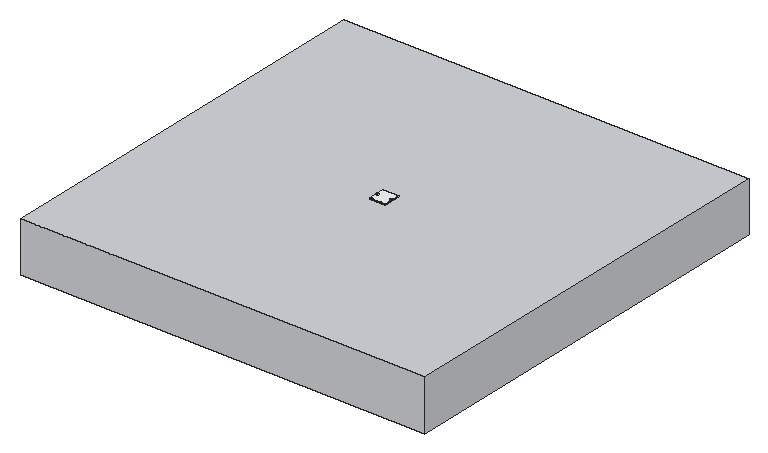
Revit family "Gira_5051028", category Elektroinstallationen, Revit 2017
Family settings
  Basisbauteil = Fläche
  Beschriftungsausrichtung beibehalten = Nein
  Bemaßung runder Anschluss = Durchmesser verwenden
  Teiletyp = Normal
  Beim Laden mit Abzugskörper schneiden = Nein
  Gemeinsam genutzt = Nein
  Raumberechnungspunkt = Nein
Parameters (values of type "Tastsens.4 24 V 1f TS4 Anthrazit")
  White = White
  Werkstoffgüte = "sonstige"
  Werkstoff Text = "sonstige"
  Default Elevation = 1219.2 mm
  URL = "https://www.gira.de/"
  Typname = "Tastsens.4 24 V 1f TS4 Anthrazit"
  Type Comments = ""
  Transparent = no
  Schutzart (IP) = "IP20"
  Produktseite = "https://media.stage.bim.site/t/eyJhbGciOiJIUzI1NiIsInR5cCI6IkpXVCJ9.eyJjdCI6MiwidHUiOiJodHRwOi8va2F0YWxvZy5naXJhLmRlL2RlX0RFL2RhdGVuYmxhdHQuaHRtbD9hcnRpa2VsbnI9NTA1MTAyOCIsImNpZCI6IjMyNzdjYzIzLTgxYTktNGVlMy1hOTBhLWI0N2JiNGMwYjYxNiIsInJpZCI6ImI5ZjJmNTUzMjUwMDYyMzhjNDVmNzQwNjI4MWRmYjE1IiwicGlkIjoiOGZjNDgxZDgxY2E4YmNmOTY1MTMxN2I4YTI1MDYxYzc1ZGI1NWU5YyIsInNpZCI6IjYzNDcwIiwidXQiOjEsImxjIjoiZGUiLCJpYXQiOjE2MDA5NDA5ODcsImlzcyI6Imh0dHBzOi8vYXBpLmxpdmUuYmltLnNpdGUiLCJzdWIiOiJhZG1pbkBiaW1zaXRlLmRldiJ9.i8yMHd3jle2sWF-Jtpah__S0K0KaOyJDli6R-dMyeVE"
  Oberfläche Text = "sonstige"
  Montageart = "Unterputz"
  Model = ""
  Mit Raumthermostat = no
  Mit LED-Anzeige = yes
  Mit Infrarotsensor = no
  Mit Display = no
  Mit Diebstahl-/Demontageschutz = yes
  Mit Busankopplung = no
  Mit Beschriftungsfeld = no
  Kosten = 0
  Hersteller = "Gira"
  HeinzeBIM = "https://www.heinze.de/bim/tastsens-4-24-v-1f-ts4-anthrazit/8fc481d81ca8bcf9651317b8a25061c75db55e9c"
  HAN = "5051028"
  GTIN = "4010337074977"
  Funk bidirektional = no
  Farbe = "anthrazit"
  Datenblatt 1 = ""
  Datenblatt = "https://media.stage.bim.site/t/eyJhbGciOiJIUzI1NiIsInR5cCI6IkpXVCJ9.eyJjdCI6MSwidHUiOiJodHRwczovL2thdGFsb2cuZ2lyYS5kZS9kZV9ERS9kb3dubG9hZC5odG1sP2FydGlrZWxucj01MDUxMDI4IiwiY2lkIjoiMzI3N2NjMjMtODFhOS00ZWUzLWE5MGEtYjQ3YmI0YzBiNjE2IiwicmlkIjoiYjlmMmY1NTMyNTAwNjIzOGM0NWY3NDA2MjgxZGZiMTUiLCJwaWQiOiI4ZmM0ODFkODFjYThiY2Y5NjUxMzE3YjhhMjUwNjFjNzVkYjU1ZTljIiwic2lkIjoiNjM0NzAiLCJ1dCI6MSwibGMiOiJkZSIsImlhdCI6MTYwMDk0MDk4NywiaXNzIjoiaHR0cHM6Ly9hcGkubGl2ZS5iaW0uc2l0ZSIsInN1YiI6ImFkbWluQGJpbXNpdGUuZGV2In0.R2HQXxYKQe6aT9FIr-3uZDRce7s7DdjS6qnLEBL_-nM"
  Bussystem Powernet = no
  Bussystem LON = no
  Bussystem KNX-Funk = no
  Bussystem KNX = yes
  Bussystem Funkbus = no
  Beschreibung = "Tastsensor 4 24 V 1fach  Anthrazit Merkmale:  Tastsensor 4 zum Anschluss an 24 V Steuersysteme.  Zwei weiße Status-LEDs pro Wippe.  Messung der Raumtemperatur mit integriertem Temperatursensor (PT1000).  Hinweise :  Nur für SELV-Stromkreise geeignet.  Professionelle Beschriftung über den Gira Beschriftungsservice www.beschriftung.gira.de.  Der Tastsensor wird mit einer programmneutralen Inbetriebnahme-Wippe geliefert. Das passende Wippenset zum Schalterprogramm ist separat zu bestellen."
  Assembly Code = ""
  Keynote = ""
  BIMSITE_PRODUCT_ID = "8fc481d81ca8bcf9651317b8a25061c75db55e9c"
  BIM = "https://media.stage.bim.site/t/eyJhbGciOiJIUzI1NiIsInR5cCI6IkpXVCJ9.eyJjdCI6MSwidGYiOiJwdWJsaWMvZ2lyYS9hZThjNTU3LzQwXzUwMDEwMCBUUzQgMWZhY2gucmZhIiwiY2lkIjoiMzI3N2NjMjMtODFhOS00ZWUzLWE5MGEtYjQ3YmI0YzBiNjE2IiwicmlkIjoiYjlmMmY1NTMyNTAwNjIzOGM0NWY3NDA2MjgxZGZiMTUiLCJwaWQiOiI4ZmM0ODFkODFjYThiY2Y5NjUxMzE3YjhhMjUwNjFjNzVkYjU1ZTljIiwic2lkIjoiNjM0NzAiLCJ1dCI6NSwibGMiOiJkZSIsImlhdCI6MTYwMDk0MDk4NywiaXNzIjoiaHR0cHM6Ly9hcGkubGl2ZS5iaW0uc2l0ZSIsInN1YiI6ImFkbWluQGJpbXNpdGUuZGV2In0.2e096JY_ZVDCnGd3Ji30jGbHlot2ZxQtyyFqJYO0N98/40_500100 TS4 1fach.rfa"
  Anzahl der Tasten = 1
  Anzahl der Betätigungspunkte = 2
  Andere Bussysteme = "ohne"
Reference planes
  plane 1 "Center (Front/Back)": y = 0
  plane 2: z = 0
  plane 3 "Center (Left/Right)": x = 0
Forms (mm)
  Extrusion 1, solid
    sketch origin (0, 0, 0) x (1, 0, 0) y (0, 1, 0)
      loop
        line (-1219.2, 1219.2) -> (-1219.2, -1219.2) -> (1219.2, -1219.2) -> (1219.2, 1219.2) -> (-1219.2, 1219.2)
    from 0 to -304.8
  Extrusion 2, solid, material "White", detail levels fine
    sketch origin (0, 0, 0) x (1, 0, 0) y (0, 1, 0)
      loop
        line (25.45, 35.45) -> (-25.45, 35.45)
        arc (-25.45, 35.45) -> (-32.521, 32.521) -> (-35.45, 25.45) r 10
        line (-35.45, 25.45) -> (-35.45, -25.45)
        arc (-35.45, -25.45) -> (-32.521, -32.521) -> (-25.45, -35.45) r 10
        line (-25.45, -35.45) -> (25.45, -35.45)
        arc (25.45, -35.45) -> (32.521, -32.521) -> (35.45, -25.45) r 10
        line (35.45, -25.45) -> (35.45, 25.45)
        arc (35.45, 25.45) -> (32.521, 32.521) -> (25.45, 35.45) r 10
      loop
        arc (-31.325, 28.496) -> (-31.325, 25.668) -> (-28.496, 25.668) r 2
        line (-28.496, 25.668) -> (-25.668, 28.496)
        arc (-25.668, 28.496) -> (-25.668, 31.325) -> (-28.496, 31.325) r 2
        line (-28.496, 31.325) -> (-31.325, 28.496)
      loop
        arc (-28.496, -31.325) -> (-25.668, -31.325) -> (-25.668, -28.496) r 2
        line (-25.668, -28.496) -> (-28.496, -25.668)
        arc (-28.496, -25.668) -> (-31.325, -25.668) -> (-31.325, -28.496) r 2
        line (-31.325, -28.496) -> (-28.496, -31.325)
      loop
        line (31.325, 28.496) -> (28.496, 31.325)
        arc (28.496, 31.325) -> (25.668, 31.325) -> (25.668, 28.496) r 2
        line (25.668, 28.496) -> (28.496, 25.668)
        arc (28.496, 25.668) -> (31.325, 25.668) -> (31.325, 28.496) r 2
      loop
        line (28.496, -31.325) -> (31.325, -28.496)
        arc (31.325, -28.496) -> (31.325, -25.668) -> (28.496, -25.668) r 2
        line (28.496, -25.668) -> (25.668, -28.496)
        arc (25.668, -28.496) -> (25.668, -31.325) -> (28.496, -31.325) r 2
      loop
        line (-13.39, 22.831) -> (-22.831, 13.39) -> (-22.831, -13.39) -> (-13.39, -22.831) -> (13.39, -22.831) -> (22.831, -13.39) -> (22.831, 13.39) -> (13.39, 22.831) -> (-13.39, 22.831)
      loop
        arc (-1.681, 31.793) -> (-6.669, 29.581) -> (-1.417, 28.102) r 2.9
        arc (-1.417, 28.102) -> (2.178, 28.079) -> (5.741, 27.6) r 28.291
        arc (5.741, 27.6) -> (7.553, 29.282) -> (6.077, 31.265) r 1.851
        arc (6.077, 31.265) -> (2.215, 31.784) -> (-1.681, 31.793) r 29.64
      loop
        arc (1.681, -31.793) -> (6.669, -29.581) -> (1.417, -28.102) r 2.9
        arc (1.417, -28.102) -> (-2.178, -28.079) -> (-5.741, -27.6) r 28.291
        arc (-5.741, -27.6) -> (-7.553, -29.282) -> (-6.077, -31.265) r 1.851
        arc (-6.077, -31.265) -> (-2.215, -31.784) -> (1.681, -31.793) r 29.64
      loop
        arc (-31.793, -1.681) -> (-29.581, -6.669) -> (-28.102, -1.417) r 2.9
        arc (-28.102, -1.417) -> (-28.079, 2.178) -> (-27.6, 5.741) r 28.291
        arc (-27.6, 5.741) -> (-29.282, 7.553) -> (-31.265, 6.077) r 1.851
        arc (-31.265, 6.077) -> (-31.784, 2.215) -> (-31.793, -1.681) r 29.64
      loop
        arc (31.793, 1.681) -> (29.581, 6.669) -> (28.102, 1.417) r 2.9
        arc (28.102, 1.417) -> (28.079, -2.178) -> (27.6, -5.741) r 28.291
        arc (27.6, -5.741) -> (29.282, -7.553) -> (31.265, -6.077) r 1.851
        arc (31.265, -6.077) -> (31.784, -2.215) -> (31.793, 1.681) r 29.64
    from 0 to -1
  Extrusion 3, solid, material "White", detail levels medium+fine
    sketch origin (0, 0, 0) x (1, 0, 0) y (0, 1, 0)
      loop
        line (-22.831, 13.39) -> (-22.831, -13.39) -> (-13.39, -22.831) -> (13.39, -22.831) -> (22.831, -13.39) -> (22.831, 13.39) -> (13.39, 22.831) -> (-13.39, 22.831) -> (-22.831, 13.39)
    from 0 to -15.5
  Extrusion 4, solid, material "White", detail levels medium
    sketch origin (0, 0, 0) x (1, 0, 0) y (0, 1, 0)
      loop
        line (35.45, 35.45) -> (-35.45, 35.45) -> (-35.45, -35.45) -> (35.45, -35.45) -> (35.45, 35.45)
    from 0 to -1
  Extrusion 5, solid, material "White" <- "White", detail levels fine
    sketch origin (0, 0, 0) x (1, 0, 0) y (0, 1, 0)
      loop
        arc (-41.4, 44.4) -> (-43.521, 43.521) -> (-44.4, 41.4) r 3
        line (-44.4, 41.4) -> (-44.4, -41.4)
        arc (-44.4, -41.4) -> (-43.521, -43.521) -> (-41.4, -44.4) r 3
        line (-41.4, -44.4) -> (41.4, -44.4)
        arc (41.4, -44.4) -> (43.521, -43.521) -> (44.4, -41.4) r 3
        line (44.4, -41.4) -> (44.4, 41.4)
        arc (44.4, 41.4) -> (43.521, 43.521) -> (41.4, 44.4) r 3
        line (41.4, 44.4) -> (-41.4, 44.4)
      loop
        arc (-42.4, -41.4) -> (-42.107, -42.107) -> (-41.4, -42.4) r 1
        line (-41.4, -42.4) -> (41.4, -42.4)
        arc (41.4, -42.4) -> (42.107, -42.107) -> (42.4, -41.4) r 1
        line (42.4, -41.4) -> (42.4, 41.4)
        arc (42.4, 41.4) -> (42.107, 42.107) -> (41.4, 42.4) r 1
        line (41.4, 42.4) -> (-41.4, 42.4)
        arc (-41.4, 42.4) -> (-42.107, 42.107) -> (-42.4, 41.4) r 1
        line (-42.4, 41.4) -> (-42.4, -41.4)
    from 0 to 4
  Extrusion 6, solid, material "White" <- "White", detail levels medium
    sketch origin (0, 0, 0) x (1, 0, 0) y (0, 1, 0)
      loop
        line (-44.4, 44.4) -> (-44.4, -44.4) -> (44.4, -44.4) -> (44.4, 44.4) -> (-44.4, 44.4)
    from 0 to 4
  Extrusion 7, solid, material "White" <- "White", detail levels fine
    sketch origin (0, 0, 0) x (1, 0, 0) y (0, 1, 0)
      loop
        line (-46.5, -47.5) -> (46.5, -47.5)
        arc (46.5, -47.5) -> (47.207, -47.207) -> (47.5, -46.5) r 1
        line (47.5, -46.5) -> (47.5, 46.5)
        arc (47.5, 46.5) -> (47.207, 47.207) -> (46.5, 47.5) r 1
        line (46.5, 47.5) -> (-46.5, 47.5)
        arc (-46.5, 47.5) -> (-47.207, 47.207) -> (-47.5, 46.5) r 1
        line (-47.5, 46.5) -> (-47.5, -46.5)
        arc (-47.5, -46.5) -> (-47.207, -47.207) -> (-46.5, -47.5) r 1
    from 4 to 9
  Extrusion 8, solid, material "White" <- "White", detail levels medium
    sketch origin (0, 0, 0) x (1, 0, 0) y (0, 1, 0)
      loop
        line (-47.5, -47.5) -> (47.5, -47.5) -> (47.5, 47.5) -> (-47.5, 47.5) -> (-47.5, -47.5)
    from 4 to 10.7
  Extrusion 9, solid, material "White" <- "White", detail levels fine
    sketch origin (0, 0, 0) x (1, 0, 0) y (0, 1, 0)
      loop
        line (-46.5, -47.5) -> (46.5, -47.5)
        arc (46.5, -47.5) -> (47.207, -47.207) -> (47.5, -46.5) r 1
        line (47.5, -46.5) -> (47.5, 46.5)
        arc (47.5, 46.5) -> (47.207, 47.207) -> (46.5, 47.5) r 1
        line (46.5, 47.5) -> (-46.5, 47.5)
        arc (-46.5, 47.5) -> (-47.207, 47.207) -> (-47.5, 46.5) r 1
        line (-47.5, 46.5) -> (-47.5, -46.5)
        arc (-47.5, -46.5) -> (-47.207, -47.207) -> (-46.5, -47.5) r 1
    from 9.3 to 10.3
  Extrusion 10, solid, material "White" <- "White", detail levels fine
    sketch origin (0, 0, 0) x (1, 0, 0) y (0, 1, 0)
      loop
        line (-37.5, 5) -> (-47.5, 5) -> (-47.5, 4.2) -> (-37.5, 4.2)
        arc (-37.5, 4.2) -> (-33.3, 0) -> (-37.5, -4.2) r 4.2
        line (-37.5, -4.2) -> (-47.5, -4.2) -> (-47.5, -5) -> (-37.5, -5)
        arc (-37.5, -5) -> (-32.5, 0) -> (-37.5, 5) r 5
      loop
        arc (37.5, 5) -> (32.5, 0) -> (37.5, -5) r 5
        line (37.5, -5) -> (47.5, -5) -> (47.5, -4.2) -> (37.5, -4.2)
        arc (37.5, -4.2) -> (33.3, 0) -> (37.5, 4.2) r 4.2
        line (37.5, 4.2) -> (47.5, 4.2) -> (47.5, 5) -> (37.5, 5)
    from 9.5 to 10.7
  Extrusion 11, solid, material "White" <- "White", detail levels coarse
    sketch origin (0, 0, 0) x (1, 0, 0) y (0, 1, 0)
      loop
        line (-47.5, -47.5) -> (47.5, -47.5) -> (47.5, 47.5) -> (-47.5, 47.5) -> (-47.5, -47.5)
    from -15.4 to 10.7
Lines and regions (mm)
  reference lines
    curve 1: line (0, 47.5, 0) -> (0, -47.5, 0)
    curve 2: line (-47.5, 0, 0) -> (47.5, 0, 0)
Dimensions and locks
  aligned and locked: plane 2 to Extrusion 1
  aligned and locked: level to Extrusion 1
Connectors
  electrical at (0, 0, -15.5)
    settings: on Extrusion 3, index 1, voltage 220 V, apparent load 0 VA, apparent load phase1 0 VA, apparent load phase2 0 VA, apparent load phase3 0 VA, power factor 1, load classification "Other", number of poles 1, system type 31, power factor state 1, is connector primary yes, connector utility no, sub classification motor no, connector description ""
